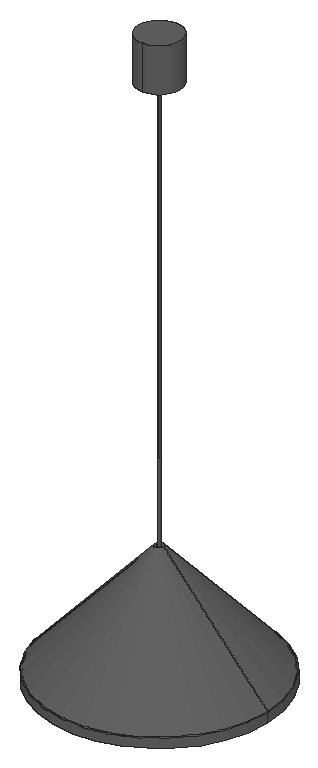
Revit family "Justerbar Lab Pendle_Kolbe_Triangle", category Lighting Fixtures, Revit 2021
Family settings
  Round Connector Dimension = Use Diameter
  Part Type = Normal
  OmniClass Number = 23.80.70.00
  OmniClass Title = Lighting
  Work Plane-Based = No
  Always vertical = Yes
  Cut with Voids When Loaded = No
  Light Source = Yes
  Shared = No
  Room Calculation Point = No
Parameters
  Wattage = 9.2903 W
  built-in parameter 1150110 = 1 (stored number, unit not read)
  built-in parameter 1114217 = 1 (stored number, unit not read)
  built-in parameter 1150109 = 1 (stored number, unit not read)
  built-in parameter 1150134 = (empty or 0)
  built-in parameter 1150113 = 1 (stored number, unit not read)
  Spredning = "120"
  MacAdams = "< 3 SCDM"
  Lyskilde = "LED"
  Lumens = 1380 lm
  built-in parameter 1150115 = 1 (stored number, unit not read)
  built-in parameter 1150105 = 109.82 (stored number, unit not read)
  Lumen = "660lm"
  Light Source Symbol Size = 609.6 mm
  built-in parameter 1150137 = (empty or 0)
  built-in parameter 1150139 = (empty or 0)
  Levetid = "L70 50.000 timer"
  Level Heigth [instance] = 3000 mm
  built-in parameter 1150112 = 1 (stored number, unit not read)
  built-in parameter 1150114 = 1 (stored number, unit not read)
  Kjøle metode = "Passiv"
  built-in parameter 1150132 = 2
  built-in parameter 1150102 = (empty or 0)
  built-in parameter 1150138 = (empty or 0)
  built-in parameter 1150107 = 3000 (stored number, unit not read)
  built-in parameter 1150106 = 1.0982 (stored number, unit not read)
  Frekvens Sekundærkilde = "1000 Hz"
  Frekvens = "50-60 Hz"
  Floor thickness [instance] = 300 mm
  Fargetemperatur = "2700K, 3000K,eller DW"
  Farger = "Sort"
  built-in parameter 1150104 = 13.8 (stored number, unit not read)
  Effekt = "6W"
  Driftspenning = "220-240V"
  Dist.floor [instance] = 1500 mm
  Dimming Lamp Color Temperature Shift = <None>
  Dimbar = "Dali eller Triac"
  Default Elevation = 0 mm
  Color Filter = 16777215
  CRI = ">90"
  Beskyttelsesgrad = "IP20"
  built-in parameter 1114218 = 1 (stored number, unit not read)
  built-in parameter 1150133 = 10 (stored number, unit not read)
Reference planes
  plane 1 "Light Source Axis (F/B)": y = 0
  plane 2: z = 0
  plane 3 "Light Source Axis (L/R)": x = 0
  plane 4 "Light Source Elevation": z = 1573.041
  plane 5: z = 2700
  plane 6: z = 2603
  plane 7: z = 2610
  plane 8: z = 1914.041
  plane 9: z = 1730.041
  plane 10: z = 1500
  plane 11: z = 3000
Forms (mm)
  Extrusion 1, solid, material "Default New Material"
    sketch origin (0, 0, 620.212) x (0, 1, 0) y (-1, 0, 0)
      loop
        circle (0, 0) r 42.5
    from 1989.788 to 2079.788
  Extrusion 2, solid, material "Default New Material"
    sketch origin (0, 0, 620.212) x (0, 1, 0) y (-1, 0, 0)
      loop
        circle (0, 0) r 6
    from 1982.788 to 1989.788
  Extrusion 3, solid, material "Default New Material"
    sketch origin (0, 0, 620.212) x (0, 1, 0) y (-1, 0, 0)
      loop
        circle (0, 0) r 2.031
    from 1293.83 to 1982.788
Lines and regions (mm)
  reference lines
    curve 1: line (0, 0, 1544.834) -> (180, 0, 1544.834)
Dimensions and locks
  "Level Heigth": plane 11 to plane 2
  "Floor thickness": plane 11 to plane 5
  locked: plane 5 to plane 7 at 90
  locked: plane 7 to plane 6 at 7
  locked: plane 8 to plane 9 at 184
  locked: plane 9 to plane 4 "Light Source Elevation" at 157
  locked: plane 4 "Light Source Elevation" to plane 10 at 73.041
  "Dist.floor": plane 10 to plane 2
  aligned and locked: plane 3 "Light Source Axis (L/R)" to imposter light
  aligned and locked: plane 1 "Light Source Axis (F/B)" to imposter light
  aligned and locked: level to plane 2
  aligned and locked: imposter light to plane 4 "Light Source Elevation"  (x2)
  aligned and locked: imposter light to imposter light
  aligned and locked: plane 4 "Light Source Elevation" to imposter light
  aligned and locked: imposter light to nested 2
  aligned and locked: plane 5 to Extrusion 1
  aligned and locked: plane 7 to Extrusion 1
  aligned and locked: plane 7 to Extrusion 2
  aligned and locked: plane 6 to Extrusion 2
  aligned and locked: plane 6 to Extrusion 3
  aligned and locked: plane 8 to Extrusion 3
  aligned and locked: plane 8 to nested 2
  aligned and locked: plane 9 to nested 3
  aligned and locked: plane 9 to nested 2
  aligned and locked: plane 10 to nested 3
Automatic sketch dimensions
  plane 1 "Light Source Axis (F/B)" to Extrusion 1 sketch curve = 0 mm
  Extrusion 1 sketch curve to plane 3 "Light Source Axis (L/R)" = 0 mm
  plane 1 "Light Source Axis (F/B)" to Extrusion 2 sketch curve = 0 mm
  Extrusion 2 sketch curve to plane 3 "Light Source Axis (L/R)" = 0 mm
  plane 1 "Light Source Axis (F/B)" to Extrusion 3 sketch curve = 0 mm
  Extrusion 3 sketch curve to plane 3 "Light Source Axis (L/R)" = 0 mm
  curve 1 to plane 3 "Light Source Axis (L/R)" = 0 mm
  plane 4 "Light Source Elevation" to curve 1 = 28.208 mm
  plane 3 "Light Source Axis (L/R)" to curve 1 = 180 mm
  radius of Extrusion 1 sketch curve = 42.5 mm
  radius of Extrusion 2 sketch curve = 6 mm
  radius of Extrusion 3 sketch curve = 2.031 mm
Nested families
  nested 1: "2D tegn" at (0, 0, 0), type "2D tegn"
  nested 2: "Family1" at (0, 0, 73.041), type "Family1"
  nested 3: "Triangle" at (0, 0, 1500), type "Triangle"
Definition of nested family "Family1"
  Parameters
    Wattage = 9.2903 W
    built-in parameter 1150110 = 1 (stored number, unit not read)
    built-in parameter 1114217 = 1 (stored number, unit not read)
    built-in parameter 1150109 = 1 (stored number, unit not read)
    built-in parameter 1150134 = (empty or 0)
    built-in parameter 1150113 = 1 (stored number, unit not read)
    Lumens = 1380 lm
    built-in parameter 1150115 = 1 (stored number, unit not read)
    built-in parameter 1150105 = 109.82 (stored number, unit not read)
    Light Source Symbol Size = 609.6 mm
    built-in parameter 1150137 = (empty or 0)
    built-in parameter 1150139 = (empty or 0)
    built-in parameter 1150112 = 1 (stored number, unit not read)
    built-in parameter 1150114 = 1 (stored number, unit not read)
    built-in parameter 1150132 = 2
    built-in parameter 1150102 = (empty or 0)
    built-in parameter 1150138 = (empty or 0)
    built-in parameter 1150107 = 3000 (stored number, unit not read)
    built-in parameter 1150106 = 1.0982 (stored number, unit not read)
    built-in parameter 1150104 = 13.8 (stored number, unit not read)
    Dimming Lamp Color Temperature Shift = (empty or 0)
    Default Elevation = 0 mm
    Color Filter = 16777215
    built-in parameter 1114218 = 1 (stored number, unit not read)
    built-in parameter 1150133 = 10 (stored number, unit not read)
  Reference planes
    plane 1 "Light Source Axis (F/B)": y = 0
    plane 2: z = 0
    plane 3 "Light Source Axis (L/R)": x = 0
    plane 4 "Light Source Elevation": z = 1500
    plane 5: z = 1499.864
  Forms (mm)
    Extrusion 1, solid
      sketch origin (0, 0, 2092) x (0, 1, 0) y (-1, 0, 0)
        loop
          circle (0, 0) r 3.032
      from -428 to -251
    Extrusion 2, solid
      sketch origin (0, 0, 2092) x (0, 1, 0) y (-1, 0, 0)
        loop
          circle (0, 0) r 15
      from -435 to -428
    Revolve 3, solid
      sketch origin (0, 0, -1908) x (1, 0, 0) y (0, 0, 1)
        loop
          line (25, 3565) -> (21.832, 3565) -> (0, 3565) -> (0, 3533.682) -> (21.832, 3533.682) -> (21.832, 3499) -> (25, 3499) -> (25, 3565)
        axis (0, 3499) -> (0, 3565)
      angle from 0 to 360
    Revolve 4, solid
      sketch origin (0, 0, -1908) x (1, 0, 0) y (0, 0, 1)
        loop
          line (0, 3532.984) -> (0, 3498.964) -> (21.729, 3498.964) -> (21.729, 3532.984) -> (0, 3532.984)
        axis (0, 3498.964) -> (0, 3532.984)
      angle from 0 to 360
    Revolve 5, solid
      sketch origin (0, 0, -1908) x (1, 0, 0) y (0, 0, 1)
        loop
          spline (0, 3380) -> (9.759, 3379.792) -> (18.614, 3380.047) -> (26.567, 3380.763) -> (33.616, 3381.941) -> (39.762, 3383.582) -> (45.006, 3385.684) -> (49.346, 3388.248) -> (52.783, 3391.275) -> (55.317, 3394.763) -> (56.948, 3398.713) -> (57.675, 3403.126) -> (57.5, 3408)
          line (57.5, 3408) -> (21.729, 3499) -> (20.655, 3499) -> (56.479, 3407.864)
          spline (56.479, 3407.864) -> (56.652, 3403.176) -> (55.962, 3398.977) -> (54.415, 3395.235) -> (52.01, 3391.922) -> (48.726, 3389.033) -> (44.536, 3386.564) -> (39.419, 3384.517) -> (33.373, 3382.903) -> (26.405, 3381.735) -> (18.518, 3381.024) -> (9.716, 3380.771) -> (0, 3380.979)
          line (0, 3380.979) -> (0, 3380)
        axis (0, 3380) -> (0, 3499)
      angle from 0 to 360
  Dimensions and locks
    locked: Revolve 5 sketch curve to Revolve 5 sketch curve at 63.955
    locked: Revolve 5 sketch curve to Revolve 5 sketch curve at 120.968
    aligned and locked: plane 3 "Light Source Axis (L/R)" to imposter light
    aligned and locked: plane 1 "Light Source Axis (F/B)" to imposter light
    aligned and locked: plane 4 "Light Source Elevation" to imposter light
    aligned and locked: level to plane 2
    aligned and locked: plane 5 to Revolve 5
    aligned and locked: Extrusion 1 to Extrusion 2
    aligned and locked: Extrusion 2 to Revolve 3
    aligned and locked: Revolve 3 to Revolve 5 sketch curve
Definition of nested family "Triangle"
  Parameters
    Default Elevation = 0 mm
  Reference planes
    plane 1 "Center (Front/Back)": y = 0
    plane 2: z = 0
    plane 3 "Center (Left/Right)": x = 0
  Forms (mm)
    Revolve 1, solid
      sketch origin (0, 0, -3334.959) x (1, 0, 0) y (0, 0, 1)
        loop
          line (225, 3334.959) -> (225, 3354.342)
          arc (225, 3354.342) -> (224.724, 3355.121) -> (224.227, 3355.781) r 2.732
          line (224.227, 3355.781) -> (9, 3584.959) -> (3.396, 3584.959) -> (3.396, 3572) -> (15.198, 3572) -> (15.198, 3565) -> (25, 3565) -> (222.451, 3354.757)
          arc (222.451, 3354.757) -> (222.8, 3354.263) -> (223, 3353.692) r 2.184
          line (223, 3353.692) -> (223, 3334.959) -> (225, 3334.959)
        axis (0, 3334.959) -> (0, 3584.959)
      angle from 0 to 360
    Revolve 2, solid
      sketch origin (0, 0, -3334.959) x (1, 0, 0) y (0, 0, 1)
        loop
          line (222.451, 3354.757) -> (25, 3565)
          arc (25, 3565) -> (25.034, 3564.482) -> (25.245, 3564.009) r 1.468
          line (25.245, 3564.009) -> (222.086, 3354.415)
          arc (222.086, 3354.415) -> (222.389, 3354.108) -> (222.5, 3353.692) r 0.839
          line (222.5, 3353.692) -> (222.5, 3337.311)
          arc (222.5, 3337.311) -> (222.597, 3336.102) -> (223, 3334.959) r 4.696
          line (223, 3334.959) -> (223, 3353.692)
          arc (223, 3353.692) -> (222.8, 3354.263) -> (222.451, 3354.757) r 2.184
        axis (0, 3334.959) -> (0, 3565)
      angle from 0 to 360
  Dimensions and locks
    aligned and locked: level to plane 2
Definition of nested family "2D tegn"
  Reference planes
    plane 1: y = 0
    plane 2: x = 0
  Lines and regions (mm)
    detail lines
      curve 1: circle (0, 0, 0) r 5 normal (0, 0, 1)
      curve 2: line (-3.536, -3.536, 0) -> (3.536, 3.536, 0)
      curve 3: line (3.536, -3.536, 0) -> (-3.536, 3.536, 0)
